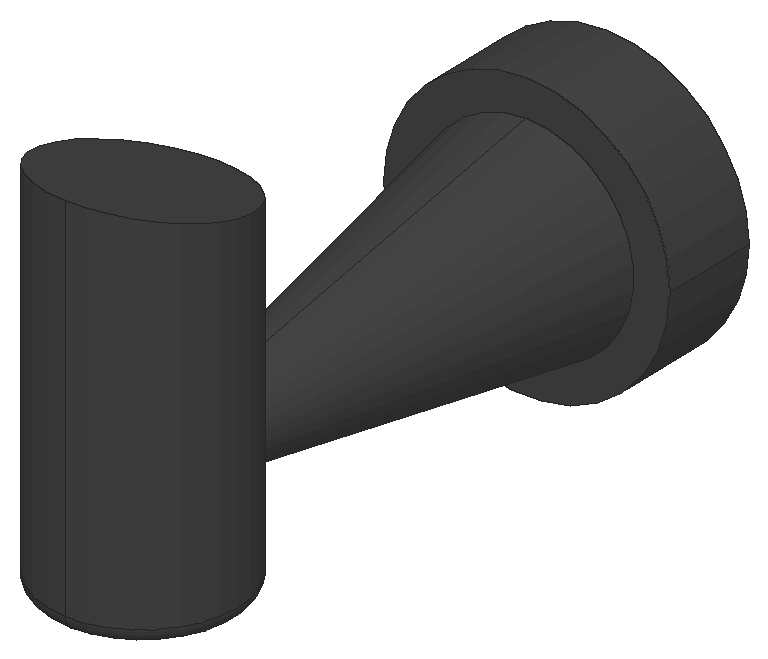
Revit family "Delta Bath Compel 77135", category Plumbing Fixtures, host Wall, Revit 2013
Parameters
  URL = "http://www.deltafaucet.com"
  Tap = Stainless Steel
  Model = "77135"
  Manufacturer = "Delta"
Reference planes (in)
  plane 1: y = 0
  plane 2 "Center (Left/Right)": x = 0
  plane 3 "Wall Edge": y = 3
  plane 4: y = -3
Text (in)
  text "Placement Side" at (0, 40.15149, 123.01588), in view "Right"
  text "Placement Side" at (-70.3804, 28.46503, 0), in view "Ref. Level"
  text "Placement Side" at (0, 81.62555, 140.59947), in view "Left"
Dimensions and locks (in)
  locked: plane 3 "Wall Edge" to host wall
  aligned and locked: host wall to nested 1
  aligned and locked: plane 4 to host wall
  aligned and locked: nested 1 to plane 4
Nested families (in)
  nested 1: "Delta Bath Compel 77135" at (0, -3, -12.5), type "Delta Bath Compel 77135"
Connectors (in)
  piping at (0, -3, 26.08268)
    settings: on nested 1, index 1, connector radius 12", flow factor 0, pipe flow 0 GPM, pressure drop 0.00 psi, fitting loss kfactor 0, connector angle 0.00°, fixture units 0, engagement length 0' - 0", flow configuration 0, flow direction 0, fitting loss method 0, system type 7, joint type 0, gender type 0, connector reference index -1, connector utility 0, adjustable connector no, is connector primary yes, fitting loss table "", connector description ""
Definition of nested family "Delta Bath Compel 77135"
  Parameters (values of type "Delta Bath Compel 77135")
    URL = "http://www.deltafaucet.com \r\n"
    Tap = Stainless Steel
    Model = "Delta Bath Compel 77135"
    Manufacturer = "Delta"
    Logo = logo
  Reference planes (in)
    plane 1 "Center (Front/Back)": y = 0
    plane 2: z = 0
    plane 3 "Center (Left/Right)": x = 0
  Forms (in)
    Sweep 1, solid, material "Stainless Steel" <- "Tap"
      path origin (0, 13.4252, -87.40157) x (0, 1, 0) y (0, 0, 1)
        loop
          line (-13.4252, 125.98425) -> (-14.13386, 125.98425)
      profile origin (0, -0.35433, 38.58268) x (0, 0, -1) y (1, 0, 0)
        loop
          circle (0, 0) r 1.02362
    Revolve 2, solid, material "Stainless Steel" <- "Tap"
      sketch origin (0, 162.75249, -156.85597) x (0, 0, 1) y (0, -1, 0)
        loop
          line (197.48589, 167.596) -> (194.81116, 167.596)
          arc (194.81116, 167.596) -> (194.74419, 167.57134) -> (194.70726, 167.51028) r 0.10791
          arc (194.70726, 167.51028) -> (194.66706, 167.21155) -> (194.67093, 166.91014) r 2.05809
          line (194.67093, 166.91014) -> (197.48589, 166.91014) -> (197.48589, 167.596)
        axis (194.67093, 166.91014) -> (197.48589, 166.91014)
      angle from 0 to 360
    Revolve 3, solid, material "Stainless Steel" <- "Tap"
      sketch origin (0, 13.4252, -87.40157) x (0, 1, 0) y (0, 0, 1)
        loop
          line (-14.13386, 125.98425) -> (-14.13386, 126.74901) -> (-17.20472, 126.20754) -> (-17.20472, 125.98425) -> (-14.13386, 125.98425)
        axis (-17.20472, 125.98425) -> (-14.13386, 125.98425)
      angle from 0 to 360
    Extrusion 4, void
      sketch origin (0, 14.08957, -87.40157) x (0, 1, 0) y (0, 0, 1)
        loop
          line (-19.38883, 128.14617) -> (-17.50364, 127.67183) -> (-17.50364, 128.14617) -> (-19.38883, 128.14617)
      from -0.7454 to 0.74552
  Cuts and joins
    Extrusion 4 cuts Revolve 2
